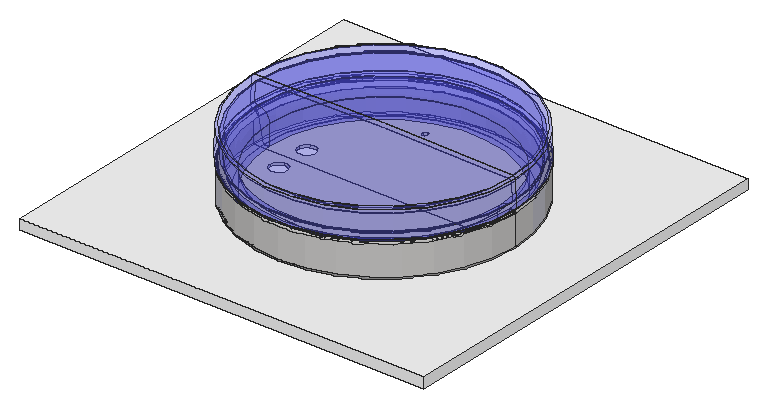
Revit family "BE_12127.2_de_DE", category Leuchten, Revit 2020
Family settings
  Basisbauteil = Fläche
  Bemaßung runder Anschluss = Durchmesser verwenden
  Teiletyp = Normal
  Beim Laden mit Abzugskörper schneiden = Ja
  Lichtquelle = Ja
  Gemeinsam genutzt = Nein
  Raumberechnungspunkt = Ja
Parameters (values of type "BEGA_12127.2_K3")
  built-in parameter 1150104 = 11.053 (stored number, unit not read)
  Wattage = 17.4 W
  Default Elevation = 0 mm
  built-in parameter 1150113 = 1 (stored number, unit not read)
  built-in parameter 1114218 = 1 (stored number, unit not read)
  Umgebungstemperatur = "25 °C"
  URL = "http://www.bega.de/de/produkt/12127.2"
  Typenkommentare = "© 2022 BEGA. Wir behalten uns das Recht vor, technische Änderungen ohne vorherige Ankündigung vorzunehmen."  # constant formula
  Type Image = 12127.2.png
  built-in parameter 1150134 = 12
  built-in parameter 1150109 = 1 (stored number, unit not read)
  Strom = ""
  built-in parameter 1150110 = 1 (stored number, unit not read)
  Spannung = 239.996 V
  Sonderanfertigung = no
  Seriennummer [instance] = "Hier können Sie die eindeutige Seriennummer für das Facility Management eintragen."
  Schutzklasse = "I"
  Schutzart = "IP 64"
  Scheinlast = 0 VA
  Produktdatenblatt = "http://www.bega.de/download/Xrfa/db/12127.2.db.de.pdf"
  Oberflächentemperatur = ""
  Neigungswinkel = 0.00°
  Model = "12127.2K4"
  Material_17 = BEGA_Reflektor
  Material_15 = BEGA_Leuchtmedium_matt
  Material_11 = BEGA_Glas_opal
  Material_09 = BEGA_Glas_klar
  Material_06 = BEGA_Oberfläche_Edelstahl_gebürstet
  Material_05 = BEGA_Oberfläche_Aluminium Guss
  Material_03 = BEGA_Oberfläche_Weiss_matt
  Material_02 = BEGA_Oberfläche_Silber_matt
  Material_01 [instance] = BEGA_Oberfläche_Grafit_matt
  M_W = no
  M_G = no
  M_A = no
  Logo = 0
  built-in parameter 1114217 = 1 (stored number, unit not read)
  built-in parameter 1150139 = (empty or 0)
  built-in parameter 1150105 = 164.73 (stored number, unit not read)
  built-in parameter 1150114 = 1 (stored number, unit not read)
  Lumens = 2070.08 lm
  built-in parameter 1150115 = 1 (stored number, unit not read)
  Leuchtenlichtstrom = "1302 lm"
  Leuchtenanzahl = ""
  Lebensdauerkriterien = "L70B50 @ 25 °C = 232000 h"
  Lastklassifizierung = Beleuchtung
  built-in parameter 1150112 = 1 (stored number, unit not read)
  Lampenlichtstrom = "2040 lm"
  Lamp = "LED 14.2 W"
  LED_Modulbezeichnung = "LED-0854/940"
  Hersteller = "BEGA"  # constant formula
  Halbstreuwinkel = ""
  Gewicht = "3.3 kg"
  Gebrauchslageneinschränkung [instance] = ""
  Frequenz = "0/50-60 Hz"
  Farbwiedergabeindex = "CRI > 90"
  Farbtemperaturverschiebung bei Dämpfen der Lampe = <Keine Auswahl>
  Farbtemperatur = "4000 K"
  Color Filter = 16777215
  built-in parameter 1150133 = 10 (stored number, unit not read)
  Energieeffizienzklasse = "LED A++ - A"
  built-in parameter 1150137 = (empty or 0)
  built-in parameter 1150132 = (empty or 0)
  ENEC = "ja"
  Dimmbar [instance] = "DALI"
  Photometric Web File = "BE_12127.2K4.IES"
  CE_Konformität = "ja"
  Bestellnummer = "12127.2K4"
  Beschreibung_Sonderanfertigung = "Hier können Sie Informationen zur Sonderanfertigung eintragen."
  Beschreibung = "Decken- und Wandleuchte"
  built-in parameter 1150106 = 1.6473 (stored number, unit not read)
  Befestigungsbohrung = "Ø 5,5 mm"
  Befestigungsabstand = "190 mm"
  Ballwurfsicher = ""
  BEGA_Intern_aus = yes
  BEGA_Intern_an = yes
  BEGA_Intern_Konstruktion = yes
  BEGA_Intern = yes
  BEGA_IES = yes
  BEGA_Dummy = no
  Anschlussleitung = ""
  Anschlussleistung [instance] = "16.1 W"
  Anschlusskasten = ""
  built-in parameter 1150107 = 4000 (stored number, unit not read)
  built-in parameter 1150102 = (empty or 0)
  built-in parameter 1150138 = (empty or 0)
  Aktualisierung = "2019-07-05T04:00:16"
  Abstand_zur_angestrahlten_Fläche [instance] = ""
  AC/DC = "AC/DC"
Reference planes
  plane 1 "Mitte (Vorne/Hinten)": y = 0
  plane 2: z = 0
  plane 3 "Mitte (Links/Rechts)": x = 0
  plane 4 "Links": x = -131.499
  plane 5 "Rechts": x = 131.499
  plane 6 "Unten": y = -131.5
  plane 7 "Oben": y = 131.5
  plane 8 "Vorne": z = 67.043
  plane 9 "Hinten": z = 0
Forms (mm)
  Extrusion 1, solid, material "BEGA_Platte_Weiss"
    sketch origin (0, -1119.2, 0) x (1, 0, 0) y (0, 1, 0)
      loop
        line (-200, 1319.2) -> (-200, 919.2) -> (200, 919.2) -> (200, 1319.2) -> (-200, 1319.2)
    from 0 to -10
  Extrusion 2, solid, material "BEGA_Dummy_matt", visible <- "BEGA_Dummy"
    sketch origin (77.149, -76.023, 0) x (1, 0, 0) y (0, 1, 0)
      loop
        circle (-77.149, 76.023) r 131.499
    from 0 to 67.043
Dimensions and locks
  plane 1 "Mitte (Vorne/Hinten)" to Extrusion 1 = 200 mm
  aligned and locked: plane 2 to Extrusion 1
  aligned and locked: level to Extrusion 1
Nested families
  nested 1: "BE_12127.2" at (0, 0, 0), type "BE_12127.2"
Connectors
  electrical at (0, 0, 0), driven by "Lastklassifizierung", driven by "Spannung", driven by "Scheinlast"
    settings: index 1, voltage 239.996 V, apparent load 0 VA, apparent load phase1 0 VA, apparent load phase2 0 VA, apparent load phase3 0 VA, power factor 1, load classification "Beleuchtung", number of poles 1, system type 31, power factor state 1, is connector primary yes, connector utility no, sub classification motor no, connector description ""
Definition of nested family "BE_12127.2"
  Parameters (values of type "BE_12127.2")
    Default Elevation = 1 mm
    URL = "http://www.bega.de/de/produkt"
    Type Comments = "© 2015 BEGA. Wir behalten uns das Recht vor, technische Änderungen ohne vorherige Ankündigung vorzunehmen. "  # constant formula
    Type Image = (empty or 0)
    Neigungswinkel_um_Z2 = 0.00°
    Neigungswinkel_um_Z1 = 0.00°
    Neigungswinkel_um_Y2 = 0.00°
    Neigungswinkel_um_Y1 = 0.00°
    Neigungswinkel_um_X2 = 0.00°
    Neigungswinkel_um_X1 = 0.00°
    Material_17 = none
    Material_15 = none
    Material_11 = none
    Material_09 = none
    Material_06 = none
    Material_05 = none
    Material_03 = none
    Material_02 = none
    Material_01 = none
    M_W = yes
    M_G = yes
    M_A = yes
    Länge_Platte = 350 mm  # constant formula
    Höhe_Platte = -10 mm  # constant formula
    Manufacturer = "BEGA"  # constant formula
    Drehwinkel_um_Z2 = 0.00°
    Drehwinkel_um_Z1 = 0.00°
    Breite_Platte = 350 mm  # constant formula
  Reference planes
    plane 1 "Mitte (Oben/Unten)": y = 0
    plane 2: z = 0
    plane 3 "Mitte (Links/Rechts)": x = 0
    plane 4: x = -131.499
    plane 5: z = 67.043
    plane 6: x = 131.499
    plane 7: y = -131.5
    plane 8: y = 131.5
  Forms (mm)
    Extrusion 1, solid, detail levels medium
      sketch origin (0, 0, 0) x (1, 0, 0) y (0, 1, 0)
        loop
          line (-175, 175) -> (-175, -175) -> (175, -175) -> (175, 175) -> (-175, 175)
      from 0 to -10 <- "Höhe_Platte"
    Revolve 2, solid, material <- "Material_06", detail levels medium+fine
      sketch origin (0, 0, 0) x (1, 0, 0) y (0, 0, 1)
        loop
          arc (-130.4, 3.5) -> (-129.814, 2.086) -> (-128.4, 1.5) r 2
          line (-128.4, 1.5) -> (0, 1.49) -> (0, 3.5) -> (-128.2, 3.5)
          arc (-128.2, 3.5) -> (-128.907, 3.793) -> (-129.2, 4.5) r 1
          line (-129.2, 4.5) -> (-129.2, 33.002) -> (-124.849, 28.651) -> (-124, 29.499) -> (-128.093, 33.592)
          arc (-128.093, 33.592) -> (-128.532, 33.886) -> (-129.05, 33.99) r 1.35
          arc (-129.05, 33.99) -> (-130.003, 33.596) -> (-130.4, 32.645) r 1.35
          line (-130.4, 32.645) -> (-130.4, 3.5)
        axis (0, 1.49) -> (0, 33.99)
      angle from 0 to 360
    Revolve 3, solid, material <- "Material_06", detail levels medium+fine
      sketch origin (0, 0, 0) x (-0.34202, 0.939693, 0) y (0, 0, 1)
        loop
          arc (-109.291, 0.446) -> (-108.537, 0.114) -> (-107.719, 0) r 3
          line (-107.719, 0) -> (-100, 0) -> (-100, 2.568) -> (-112.733, 2.568) -> (-109.291, 0.446)
        axis (-100, 0) -> (-100, 2.568)
      angle from 0 to 360
    Revolve 4, solid, material <- "Material_06", detail levels medium+fine
      sketch origin (0, 0, 0) x (0.34202, -0.939693, 0) y (0, 0, -1)
        loop
          line (-109.291, -0.446) -> (-112.733, -2.568) -> (-100, -2.568) -> (-100, 0) -> (-107.719, 0)
          arc (-107.719, 0) -> (-108.537, -0.114) -> (-109.291, -0.446) r 3
        axis (-100, 0) -> (-100, -2.568)
      angle from 0 to 360
    Extrusion 5, void
      sketch origin (0, 0, 0) x (1, 0, 0) y (0, 1, 0)
        loop
          circle (-90, -17.5) r 8.455
        loop
          circle (-90, 17.5) r 8.455
        loop
          circle (34.202, -93.969) r 2.75
        loop
          circle (-34.202, 93.969) r 2.75
      from 0 to 10
    Revolve 6, solid, material <- "Material_11", detail levels medium+fine
      sketch origin (0, 0, 0) x (1, 0, 0) y (0, 0, 1)
        loop
          line (-130.588, 63.111) -> (-131.499, 37.036)
          arc (-131.499, 37.036) -> (-130.952, 35.588) -> (-129.535, 34.964) r 2
          line (-129.535, 34.964) -> (-124.456, 34.876) -> (-118.5, 6.5) -> (-112.5, 6.5) -> (-112.5, 26.875)
          arc (-112.5, 26.875) -> (-115.966, 35.311) -> (-124.36, 38.875) r 12
          arc (-124.36, 38.875) -> (-126.497, 39.804) -> (-127.324, 41.983) r 3
          line (-127.324, 41.983) -> (-126.762, 58.054)
          arc (-126.762, 58.054) -> (-125.872, 60.084) -> (-123.83, 60.948) r 3
          arc (-123.83, 60.948) -> (-61.918, 62.105) -> (0, 62.842) r 9145.004
          line (0, 62.842) -> (0, 67.043)
          arc (0, 67.043) -> (-64.321, 66.269) -> (-128.635, 65.044) r 9149.205
          arc (-128.635, 65.044) -> (-129.995, 64.466) -> (-130.588, 63.111) r 2
        axis (0, 6.5) -> (0, 67.043)
      angle from 0 to 360
  Cuts and joins
    Extrusion 5 cuts Revolve 2
    Extrusion 5 cuts Revolve 3
    Extrusion 5 cuts Revolve 4
    joined: Revolve 2, Revolve 3, Revolve 4
  Dimensions and locks
    equal spacing: Extrusion 1 sketch curve, plane 3 "Mitte (Links/Rechts)", Extrusion 1 sketch curve
    equal spacing: Extrusion 1 sketch curve, plane 1 "Mitte (Oben/Unten)", Extrusion 1 sketch curve
    "Länge_Platte": Extrusion 1 sketch curve to Extrusion 1 sketch curve
    "Breite_Platte": Extrusion 1 sketch curve to Extrusion 1 sketch curve
    aligned and locked: plane 2 to Extrusion 1
    aligned and locked: level to Extrusion 1
  Automatic sketch dimensions
    Revolve 2 sketch curve to Revolve 2 sketch curve = 0 mm  (x8)
    Revolve 2 sketch curve to plane 3 "Mitte (Links/Rechts)" = 0 mm  (x2)
    level to Revolve 2 sketch curve = 29.499 mm
    level to Revolve 2 sketch curve = 28.651 mm
    Revolve 2 sketch curve to Revolve 2 sketch curve = 0.849 mm
    level to Revolve 2 sketch curve = 33.592 mm
    Revolve 2 sketch curve to Revolve 2 sketch curve = 4.093 mm
    level to Revolve 2 sketch curve = 4.5 mm
    Revolve 2 sketch curve to Revolve 2 sketch curve = 3.351 mm
    Revolve 2 sketch curve to Revolve 2 sketch curve = 0.2 mm
    Revolve 2 sketch curve to Revolve 2 sketch curve = 0.957 mm
    Revolve 2 sketch curve to Revolve 2 sketch curve = 0.15 mm  (x2)
    Revolve 2 sketch curve to Revolve 2 sketch curve = 1.2 mm
    level to Revolve 2 sketch curve = 1.49 mm
    Revolve 2 sketch curve to Revolve 2 sketch curve = 0.952 mm
    Revolve 2 sketch curve to Revolve 2 sketch curve = 0.005 mm
    Revolve 2 sketch curve to Revolve 2 sketch curve = 0.362 mm
    Revolve 2 sketch curve to Revolve 2 sketch curve = 0.01 mm  (x2)
    Revolve 2 sketch curve to Revolve 2 sketch curve = 1 mm
    Revolve 2 sketch curve to Revolve 2 sketch curve = 1.76 mm
    Revolve 6 sketch curve to Revolve 6 sketch curve = 0 mm  (x9)
    Revolve 6 sketch curve to plane 3 "Mitte (Links/Rechts)" = 0 mm  (x2)
    level to Revolve 6 sketch curve = 6.5 mm
    Revolve 6 sketch curve to Revolve 6 sketch curve = 6 mm
    Revolve 6 sketch curve to Revolve 6 sketch curve = 11.264 mm
    Revolve 6 sketch curve to Revolve 6 sketch curve = 0.561 mm
    level to Revolve 6 sketch curve = 34.876 mm
    Revolve 6 sketch curve to Revolve 6 sketch curve = 0.131 mm
    Revolve 6 sketch curve to Revolve 6 sketch curve = 0.044 mm
    level to Revolve 6 sketch curve = 41.983 mm
    Revolve 6 sketch curve to Revolve 6 sketch curve = 2.998 mm  (x2)
    Revolve 6 sketch curve to Revolve 6 sketch curve = 4.825 mm
    Revolve 6 sketch curve to Revolve 6 sketch curve = 5.044 mm
    Revolve 6 sketch curve to Revolve 6 sketch curve = 1.999 mm  (x2)
    level to Revolve 6 sketch curve = 37.036 mm
    plane 3 "Mitte (Links/Rechts)" to Revolve 6 sketch curve = 77.874 mm
    Revolve 6 sketch curve to level = 9081.831 mm
    Revolve 6 sketch curve to Revolve 6 sketch curve = 8 mm
    Revolve 6 sketch curve to Revolve 6 sketch curve = 0.072 mm
    Revolve 6 sketch curve to Revolve 6 sketch curve = 0.109 mm
    Revolve 6 sketch curve to Revolve 6 sketch curve = 16.075 mm
    level to Revolve 6 sketch curve = 62.842 mm
    Revolve 6 sketch curve to Revolve 6 sketch curve = 5.094 mm
    Revolve 6 sketch curve to Revolve 6 sketch curve = 0.068 mm
    Revolve 6 sketch curve to Revolve 6 sketch curve = 4.201 mm
    Revolve 6 sketch curve to Revolve 6 sketch curve = 0.065 mm
    Revolve 6 sketch curve to Revolve 6 sketch curve = 0.001 mm  (x2)
    Revolve 6 sketch curve to Revolve 6 sketch curve = 0.035 mm  (x2)
    Revolve 6 sketch curve to Revolve 6 sketch curve = 0.045 mm
    level to Revolve 6 sketch curve = 34.964 mm
    Revolve 6 sketch curve to Revolve 6 sketch curve = 0.105 mm
    Revolve 6 sketch curve to Revolve 6 sketch curve = 2.529 mm
    Revolve 6 sketch curve to Revolve 6 sketch curve = 0.706 mm
    Revolve 2 sketch curve to plane 4 = 7.499 mm
    Revolve 6 sketch curve to plane 4 = 18.999 mm
    Extrusion 5 sketch curve to plane 1 "Mitte (Oben/Unten)" = 17.5 mm
    Extrusion 5 sketch curve to plane 4 = 41.499 mm
    Extrusion 5 sketch curve to Extrusion 5 sketch curve = 0 mm
    Extrusion 5 sketch curve to plane 3 "Mitte (Links/Rechts)" = 34.202 mm
    plane 3 "Mitte (Links/Rechts)" to Extrusion 5 sketch curve = 34.202 mm
    plane 1 "Mitte (Oben/Unten)" to Extrusion 5 sketch curve = 17.5 mm
    Extrusion 5 sketch curve to plane 7 = 37.531 mm
    Extrusion 5 sketch curve to plane 8 = 37.531 mm
    level to Revolve 3 sketch curve = 2.568 mm
    level to Revolve 3 sketch curve = 3 mm
    Revolve 3 sketch curve to Revolve 3 sketch curve = 5.014 mm
    Revolve 3 sketch curve to Revolve 3 sketch curve = 7.719 mm
    Revolve 3 sketch curve to level = 0 mm
    level to Revolve 3 sketch curve = 0.446 mm  (x2)
    Revolve 3 sketch curve to Revolve 3 sketch curve = 0.002 mm
    Revolve 3 sketch curve to Revolve 3 sketch curve = 0 mm  (x3)
    level to Revolve 4 sketch curve = 2.568 mm
    level to Revolve 4 sketch curve = 3 mm
    Revolve 4 sketch curve to Revolve 4 sketch curve = 5.014 mm
    Revolve 4 sketch curve to Revolve 4 sketch curve = 7.719 mm
    Revolve 4 sketch curve to level = 0 mm
    level to Revolve 4 sketch curve = 0.446 mm  (x2)
    Revolve 4 sketch curve to Revolve 4 sketch curve = 0.002 mm
    Revolve 4 sketch curve to Revolve 4 sketch curve = 0 mm  (x3)
    radius of Extrusion 5 sketch curve = 8.455 mm  (x2)
    radius of Extrusion 5 sketch curve = 2.75 mm  (x2)
